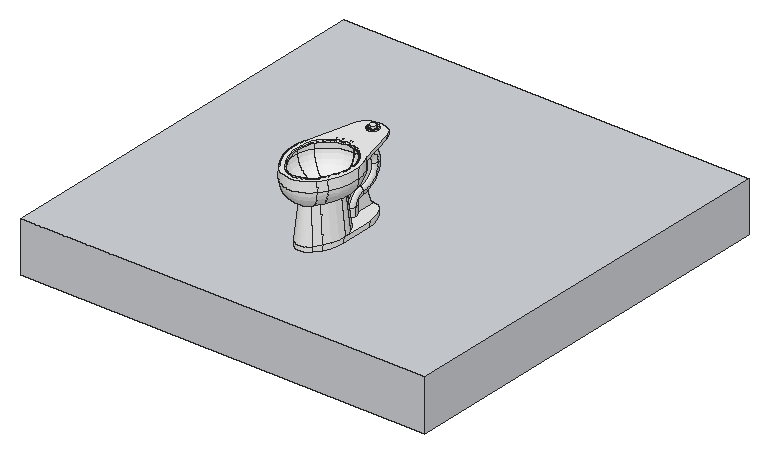
Revit family
Parameters (values of type "Vitreous_China-0-White-10inch_Rough_In")
  Width = 1' - 2 7/8"
  Waste Connection = yes
  Wall Offset = 0' - 1 1/8"
  WFU = 0
  Valve Pressure Drop = 0.00 psi
  URL = "http://www.us.kohler.com"
  Seat = "Order Separately"  # constant formula
  Sanitary Radius = 1 1/4"
  Sanitary Diameter = Sanitary Radius * 2  # 2 1/2"
  Sanitary Connector = "Sanitary Connection"  # constant formula
  Rough-In = 0' - 10"
  Product Page URL = "http://www.us.kohler.com/onlinecatalog/detail.jsp?prod_num=4405"
  Product Documentation Link = "http://www.us.kohler.com/onlinecatalog/pdf/1058450_4.pdf"
  Model = "K-4405"  # constant formula
  Manufacturer = "Kohler"  # constant formula
  Length = 2' - 4 1/4"
  Height = 1' - 5 1/8"
  Flush Rate = 1.28 GPM
  Finish = Vitreous_China-Kohler-0-White
  Description = "Highline® 1.28 flushometer bowl\r\n\r\n\r\n"  # constant formula
  Default Elevation = 0' - 0"
  Created By = "http://www.medialab3dstudio.com/"
  Cold Water Radius = 3/4"
  Cold Water Diameter = Cold Water Radius * 2  # 1 1/2"
  Cold Water Connector = "Cold Water Connection"  # constant formula
  CWFU = 0
  CW Connection = yes
  Assembly Code = "D2010110"
  Actual Valve Water Flow = 0 GPM
  ADA Compliant = no
Reference planes (in)
  plane 1 "Back": y = 0
  plane 2: z = 0
  plane 3 "Center (Left/Right)": x = 0
  plane 4: z = 17.125
  plane 5: y = -1.125
  plane 6: y = -10
  plane 7: y = -29.375
  plane 8 "Left": x = -7.4375
  plane 9 "Right": x = 7.4375
Forms (in)
  Extrusion 1, solid
    sketch origin (0, 0, 0) x (1, 0, 0) y (0, 1, 0)
      loop
        line (-48, 48) -> (-48, -48) -> (48, -48) -> (48, 48) -> (-48, 48)
    from 0 to -12
Dimensions and locks (in)
  "Length": plane 5 to plane 7
  "Rough-In": plane 1 "Back" to plane 6
  "Wall Offset": plane 5 to plane 1 "Back"
  "Width": plane 8 "Left" to plane 9 "Right"
  "Height": plane 4 to plane 2
  equal spacing: plane 8 "Left", plane 3 "Center (Left/Right)", plane 9 "Right"
  aligned and locked: plane 2 to Extrusion 1
  aligned and locked: level to Extrusion 1
  aligned and locked: nested 1 to plane 5
  aligned and locked: plane 8 "Left" to nested 1
  aligned and locked: plane 9 "Right" to nested 1
  aligned and locked: plane 3 "Center (Left/Right)" to nested 1
Automatic sketch dimensions
  Extrusion 1 sketch curve to Extrusion 1 sketch curve = 8' - 0"  (x2)
Nested families (in)
  nested 1: "Toilet-High_Efficiency_Bowl-Kohler-Highline-4405" at (0, -14.125, 0), type "Vitreous_China-0-White"
Connectors (in)
  piping at (0, -3.375, 17.125), driven by "Flush Rate", driven by "CW Connection", driven by "Cold Water Radius", driven by "CW Connection", driven by "Cold Water Connector", driven by "CWFU"
    settings: on nested 1, index 1, connector radius 3/4", flow factor 0, pipe flow 1.28 GPM, pressure drop 0.00 psi, fitting loss kfactor 0, connector angle 0.00°, fixture units 0, flow configuration 3, flow direction 1, fitting loss method 0, system type 20, connector reference index -1, connector utility 1, adjustable connector yes, is connector primary yes, fitting loss table "", connector description "Cold Water Connection"
  piping at (0, -10, 0), driven by "Actual Valve Water Flow", driven by "Waste Connection", driven by "Sanitary Radius", driven by "Waste Connection", driven by "Sanitary Connector", driven by "WFU"
    settings: on nested 1, index 2, connector radius 1 1/4", flow factor 0, pipe flow 0 GPM, pressure drop 0.00 psi, fitting loss kfactor 0, connector angle 0.00°, fixture units 0, flow configuration 3, flow direction 2, fitting loss method 0, system type 16, connector reference index -1, connector utility 1, adjustable connector yes, is connector primary no, fitting loss table "", connector description "Sanitary Connection"
Definition of nested family "Toilet-High_Efficiency_Bowl-Kohler-Highline-4405"
  Parameters (values of type "Vitreous_China-0-White")
    Width = 1' - 2 7/8"
    Waste Connection = yes
    WFU = 0
    Valve Pressure Drop = 0.00 psi
    URL = "http://www.us.kohler.com"
    Spud = Chrome-Kohler-CP-Polished
    Seat = "Order Separately"  # constant formula
    Sanitary Radius = 1 1/4"
    Sanitary Diameter = Sanitary Radius * 2  # 2 1/2"
    Sanitary Connector = "Sanitary Connection"  # constant formula
    Rough-In = 0' - 10"
    Recommended Flushometer = "K-10956"  # constant formula
    Product Page URL = "http://www.us.kohler.com/onlinecatalog/detail.jsp?item=10452702&section=2&category=20&subcategory=22&retail=false"
    Product Documentation Link = "http://www.us.kohler.com/onlinecatalog/pdf/1058450_4.pdf"
    Model = "K-4405"  # constant formula
    Manufacturer = "Kohler"  # constant formula
    Length = 2' - 4 1/4"
    Height = 1' - 5 1/8"
    Flush Rate = 1.28 GPM
    Finish = Vitreous_China-Kohler-0-White
    Description = "Highline® 1.28 flushometer bowl\r\n"  # constant formula
    Default Elevation = 0' - 0"
    Created By = "http://www.medialab3dstudio.com/"
    Cold Water Radius = 3/4"
    Cold Water Diameter = Cold Water Radius * 2  # 1 1/2"
    Cold Water Connector = "Cold Water Connection"  # constant formula
    CWFU = 0
    CW Connection = yes
    Assembly Code = "D2010110"
    Actual Valve Water Flow = 0 GPM
    ADA Compliant = yes
  Types (7): name | Sanitary Radius | Sanitary Diameter | Finish | Cold Water Radius | Cold Water Diameter
    (no name) | 1 1/4" | 2 1/2" | Vitreous_China-Kohler-0-White | 3/4" | 1 1/2"
    Vitreous_China-0-White | 1 1/4" | 2 1/2" | Vitreous_China-Kohler-0-White | 3/4" | 1 1/2"
    Vitreous_China-7-Black_Black | 0" | 0" | Vitreous_China-Kohler-7-Black_Black | 0" | 0"
    Vitreous_China-33-Mexican_Sand | 0" | 0" | Vitreous_China-Kohler-33-Mexican_Sand | 0" | 0"
    Vitreous_China-47-Almond | 0" | 0" | Vitreous_China-Kohler-47-Almond | 0" | 0"
    Vitreous_China-96-Biscuit | 0" | 0" | Vitreous_China-Kohler-96-Biscuit | 0" | 0"
    Vitreous_China-G9-Sandbar | 0" | 0" | Vitreous_China-Kohler-G9-Sandbar | 0" | 0"
  Reference planes (in)
    plane 1 "Center (Front/Back)": y = 0
    plane 2 "Bottom": z = 0
    plane 3 "Center (Left/Right)": x = 0
    plane 4 "Left": x = -7.4375
    plane 5 "Right": x = 7.4375
    plane 6 "Toilet Offset": y = 13
    plane 7 "Front of Bowl": y = -14.125
    plane 8 "Back": y = 14.125
    plane 9 "Top": z = 17.125
    plane 10: y = 4.125
    plane 11: z = 9.59276
    plane 12: z = 1.125
    plane 13: y = -2.7831
    plane 14: y = -8.7426
    plane 15: y = -10.36431
    plane 16: x = -5.39046
    plane 17: x = -4.06063
    plane 18: x = -3.00749
    plane 19: x = 3.00749
    plane 20: x = 4.06063
    plane 21: x = 5.39046
    plane 22: x = -4.51738
    plane 23: x = 4.51738
    plane 24: x = -3.37389
    plane 25: z = 9.46306
    plane 26: z = 14.22969
    plane 27: z = 16.01051
    plane 28: z = 16.51168
    plane 29: x = 2
    plane 30: x = -2
    plane 31: x = 0.5
    plane 32: x = -0.5
    plane 33: z = 16.63668
    plane 34: z = 16.82418
    plane 35: z = 12.94015
    plane 36: z = 0.125
    plane 37: y = 9.41534
    plane 38: y = -3.61374
    plane 39: y = -8.31974
    plane 40: y = -9.86366
    plane 41: x = -2.40968
    plane 42: x = 2.40968
    plane 43: x = -4.57607
    plane 44: x = 4.57607
    plane 45: x = -3.32434
    plane 46: x = -2.3217
    plane 47: x = 2.3217
    plane 48: x = 3.32434
    plane 49: y = 9.77668
    plane 50: y = 1.7176
    plane 51: x = -3.94838
    plane 52: x = 3.94838
    plane 53: x = -5.4416
    plane 54: x = 5.4416
    plane 55: y = 0.75258
    plane 56: y = 1.75258
    plane 57: y = 10.00258
    plane 58: y = 9.24705
    plane 59: y = 8.17195
    plane 60: y = 9.94301
    plane 61: z = 9.46387
    plane 62: z = 4.96563
    plane 63: z = 2.16489
    plane 64: z = 14.22969
    plane 65: y = 4.55641
    plane 66: y = 10.75
    plane 67: y = 10.75
    plane 68: y = 11.75
    plane 69: y = 11.25
    plane 70: y = 10.25
    plane 71: y = 9.75
    plane 72: x = -1
    plane 73: x = 1
    plane 74: z = 3.54152
    plane 75: z = 3.125
    plane 76: z = 5.24632
    plane 77: z = 9.76908
    plane 78: z = 11.25304
    plane 79: y = 5.1618
    plane 80: y = 6.24632
    plane 81: y = 10.76908
    plane 82: z = 14.92882
    plane 83: y = 12.80641
    plane 84: z = 14.92882
    plane 85: x = -4.57608
    plane 86: x = 4.57608
    plane 87: x = -7.39207
    plane 88: x = -7.45318
    plane 89: x = -3.59082
    plane 90: x = 3.59082
    plane 91: x = 7.45318
    plane 92: x = -1.25
    plane 93: x = -1
    plane 94: x = -0.75
    plane 95: x = 0.75
    plane 96: x = 1
    plane 97: x = 1.25
    plane 98: z = 16.19968
    plane 99: z = 14.22935
    plane 100: z = 9.46793
    plane 101: y = 10.32426
    plane 102: y = 10.00258
    plane 103: y = 9.41794
    plane 104: y = 8.39345
    plane 105: y = 11.34244
    plane 106: y = 11.95021
    plane 107: y = 10.45021
    plane 108: y = 10.75362
    plane 109: y = 12.80641
    plane 110: y = 12
    plane 111: y = 11.75
    plane 112: y = 11.5
    plane 113: y = 10
    plane 114: y = 9.75
    plane 115: y = 9.5
    plane 116: y = -13.52949
    plane 117: y = -13.85979
    plane 118: y = -11.04329
    plane 119: y = -13.96231
    plane 120: y = -10.05805
    plane 121: z = 13.67882
    plane 122: z = 13.31176
    plane 123: z = 13.06513
    plane 124: z = 10.46705
    plane 125: z = 7.02023
    plane 126: z = 4.3886
    plane 127: z = 1.77594
    plane 128: z = 9.4678
    plane 129: z = 14.22529
    plane 130: z = 16.18138
    plane 131: y = -11.04329
    plane 132: y = 4.5796
    plane 133 "Front": y = -15.25
  Forms (in)
    Extrusion 1, solid
      sketch origin (0, 0, 0) x (1, 0, 0) y (0, 1, 0)
        loop
          line (-48, 48) -> (-48, -48) -> (48, -48) -> (48, 48) -> (-48, 48)
      from 0 to -12
    Sweep 2, solid, material "Vitreous_China-Kohler-0-White" <- "Finish"
      path origin (0, 0, 0) x (1, 0, 0) y (0, 1, 0)
        loop
          arc (-4.06063, -8.7426) -> (-3.55622, -9.56784) -> (-3.00749, -10.36431) r 17.70323
          arc (-3.00749, -10.36431) -> (0, -11.89238) -> (3.00749, -10.36431) r 3.72364
          arc (3.00749, -10.36431) -> (3.55622, -9.56784) -> (4.06063, -8.7426) r 17.70323
          arc (4.06063, -8.7426) -> (5.17859, -5.86395) -> (5.39046, -2.7831) r 10.27226
          arc (5.39046, -2.7831) -> (5.10885, -1.34295) -> (4.51738, 0) r 6.63079
          arc (4.51738, 0) -> (0, 2.60166) -> (-4.51738, 0) r 5.2227
          arc (-4.51738, 0) -> (-5.10885, -1.34295) -> (-5.39046, -2.7831) r 6.63079
          arc (-5.39046, -2.7831) -> (-5.17859, -5.86395) -> (-4.06063, -8.7426) r 10.27226
      profile origin (-5.17859, -5.86395, 0) x (-0.975996, -0.217788, 0) y (0, 0, 1)
        loop
          line (1.95012, 16.51137) -> (0.78065, 16.51137)
          arc (0.78065, 16.51137) -> (0.69166, 16.4745) -> (0.6548, 16.38551) r 0.12585
          line (0.6548, 16.38551) -> (0.6548, 16.13551) -> (0.78065, 16.13551) -> (0.78065, 16.38494) -> (1.83167, 16.38494) -> (1.94453, 14.22969)
          arc (1.94453, 14.22969) -> (0.77921, 11.31278) -> (-1.84908, 9.59276) r 5.21974
          line (-1.84908, 9.59276) -> (-1.84908, 9.46387)
          arc (-1.84908, 9.46387) -> (0.86738, 11.22406) -> (2.06971, 14.22935) r 5.34474
          line (2.06971, 14.22935) -> (1.95012, 16.51137)
    Blend 3, solid, material "Vitreous_China-Kohler-0-White" <- "Finish"
      base sketch origin (0, 0, 0) x (1, 0, 0) y (0, 1, 0)
        loop
          arc (-2.45717, -7.82172) -> (-2.00544, -8.56076) -> (-1.51403, -9.27403) r 15.85414
          arc (-1.51403, -9.27403) -> (0, -10.04329) -> (1.51403, -9.27403) r 1.87455
          arc (1.51403, -9.27403) -> (2.00544, -8.56076) -> (2.45717, -7.82172) r 15.85414
          arc (2.45717, -7.82172) -> (3.37389, -5.46124) -> (3.54762, -2.93497) r 8.42317
          arc (3.54762, -2.93497) -> (3.34454, -1.89642) -> (2.91801, -0.92797) r 4.78171
          arc (2.91801, -0.92797) -> (0, 0.75258) -> (-2.91801, -0.92797) r 3.37362
          arc (-2.91801, -0.92797) -> (-3.34454, -1.89642) -> (-3.54762, -2.93497) r 4.78171
          arc (-3.54762, -2.93497) -> (-3.37389, -5.46124) -> (-2.45717, -7.82172) r 8.42317
      top sketch origin (0, 0, 0) x (1, 0, 0) y (0, 1, 0)
        loop
          arc (-3.32434, -8.31974) -> (-2.84411, -9.1054) -> (-2.3217, -9.86366) r 16.85414
          arc (-2.3217, -9.86366) -> (0, -11.04329) -> (2.3217, -9.86366) r 2.87455
          arc (2.3217, -9.86366) -> (2.84411, -9.1054) -> (3.32434, -8.31974) r 16.85414
          arc (3.32434, -8.31974) -> (4.34989, -5.67903) -> (4.54424, -2.85284) r 9.42317
          arc (4.54424, -2.85284) -> (4.2987, -1.5971) -> (3.78297, -0.42612) r 5.78171
          arc (3.78297, -0.42612) -> (0, 1.75258) -> (-3.78297, -0.42612) r 4.37362
          arc (-3.78297, -0.42612) -> (-4.2987, -1.5971) -> (-4.54424, -2.85284) r 5.78171
          arc (-4.54424, -2.85284) -> (-4.34989, -5.67903) -> (-3.32434, -8.31974) r 9.42317
      from 9.59276 to 1.125
    Extrusion 4, solid, material "Vitreous_China-Kohler-0-White" <- "Finish"
      sketch origin (0, 0, 0) x (1, 0, 0) y (0, 1, 0)
        loop
          arc (2.3217, -9.86366) -> (2.84411, -9.1054) -> (3.32434, -8.31974) r 16.85414
          arc (3.32434, -8.31974) -> (4.25944, -6.04899) -> (4.57607, -3.61374) r 9.42317
          line (4.57607, -3.61374) -> (4.57607, 4.125)
          arc (4.57607, 4.125) -> (4.01349, 6.98336) -> (2.40968, 9.41534) r 7.54272
          arc (2.40968, 9.41534) -> (0, 10.32426) -> (-2.40968, 9.41534) r 3.64866
          arc (-2.40968, 9.41534) -> (-4.01349, 6.98336) -> (-4.57607, 4.125) r 7.54272
          line (-4.57607, 4.125) -> (-4.57607, -3.61374)
          arc (-4.57607, -3.61374) -> (-4.25944, -6.04899) -> (-3.32434, -8.31974) r 9.42317
          arc (-3.32434, -8.31974) -> (-2.84411, -9.1054) -> (-2.3217, -9.86366) r 16.85414
          arc (-2.3217, -9.86366) -> (0, -11.04329) -> (2.3217, -9.86366) r 2.87455
      from 0 to 1.125
    Extrusion 5, solid, material "Vitreous_China-Kohler-0-White" <- "Finish"
      sketch origin (0, 0, 0) x (1, 0, 0) y (0, 1, 0)
        loop
          arc (3.93029, 9.86065) -> (0, 13) -> (-3.93029, 9.86065) r 4.02993
          line (-3.93029, 9.86065) -> (-6.73688, -0.52854)
          arc (-6.73688, -0.52854) -> (-0.24318, 4.42914) -> (6.5767, -0.06933) r 7.05437
          line (6.5767, -0.06933) -> (3.93029, 9.86065)
      from 16.01051 to 16.51168
    Extrusion 6, solid, material "Vitreous_China-Kohler-0-White" <- "Finish"
      sketch origin (0, 0, 0) x (0, 1, 0) y (0, 0, 1)
        loop
          line (0.75258, 9.46387) -> (1.75258, 1.125) -> (10.00258, 1.125)
          arc (10.00258, 1.125) -> (9.54149, 1.58441) -> (9.24705, 2.16489) r 2.05668
          line (9.24705, 2.16489) -> (8.17195, 4.96563) -> (9.94301, 7.76051) -> (9.94301, 16.01051) -> (4.55641, 16.01051) -> (4.55641, 14.22969)
          arc (4.55641, 14.22969) -> (3.42981, 11.22796) -> (0.75258, 9.46387) r 5.18129
      from -0.5 to 0.5
    Sweep 7, solid, material "Vitreous_China-Kohler-0-White" <- "Finish"
      path origin (0, 0, 0) x (0, 1, 0) y (0, 0, 1)
        loop
          line (4.125, 1.125) -> (4.125, 3.125)
          arc (4.125, 3.125) -> (4.74632, 4.625) -> (6.24632, 5.24632) r 2.12132
          arc (6.24632, 5.24632) -> (9.44439, 6.571) -> (10.76908, 9.76908) r 4.52276
          arc (10.76908, 9.76908) -> (8.5366, 12.66923) -> (5.1618, 11.25304) r 3
          arc (5.1618, 11.25304) -> (2.7206, 7.30377) -> (0, 3.54152) r 64.11392
      profile origin (0, 4.125, 2.125) x (0, -1, 0) y (1, 0, 0)
        loop
          arc (0, -1.25) -> (0.88388, -0.88388) -> (1.25, 0) r 1.25
          arc (1.25, 0) -> (0.88388, 0.88388) -> (0, 1.25) r 1.25
          arc (0, 1.25) -> (-0.88388, 0.88388) -> (-1.25, 0) r 1.25
          arc (-1.25, 0) -> (-0.88388, -0.88388) -> (0, -1.25) r 1.25
    Extrusion 8, solid, material "Chrome-Kohler-CP-Polished" <- "Spud"
      sketch origin (0, 0, 0) x (1, 0, 0) y (0, 1, 0)
        loop
          arc (-0.75, 10.75) -> (-0.53033, 10.21967) -> (0, 10) r 0.75
          arc (0, 10) -> (0.53033, 10.21967) -> (0.75, 10.75) r 0.75
          arc (0.75, 10.75) -> (0.53033, 11.28033) -> (0, 11.5) r 0.75
          arc (0, 11.5) -> (-0.53033, 11.28033) -> (-0.75, 10.75) r 0.75
      from 16.82418 to 17.125
    Extrusion 9, solid, material "Chrome-Kohler-CP-Polished" <- "Spud"
      sketch origin (0, 0, 0) x (1, 0, 0) y (0, 1, 0)
        loop
          arc (-1.25, 10.75) -> (-0.88388, 9.86612) -> (0, 9.5) r 1.25
          arc (0, 9.5) -> (0.88388, 9.86612) -> (1.25, 10.75) r 1.25
          arc (1.25, 10.75) -> (0.88388, 11.63388) -> (0, 12) r 1.25
          arc (0, 12) -> (-0.88388, 11.63388) -> (-1.25, 10.75) r 1.25
      from 16.51168 to 16.63668
    Extrusion 10, solid, material "Chrome-Kohler-CP-Polished" <- "Spud"
      sketch origin (0, 0, 0) x (1, 0, 0) y (0, 1, 0)
        loop
          line (0.5, 11.75) -> (-0.5, 11.75) -> (-1, 11.25) -> (-1, 10.25) -> (-0.5, 9.75) -> (0.5, 9.75) -> (1, 10.25) -> (1, 11.25) -> (0.5, 11.75)
      from 16.63668 to 16.82418
    Sweep 11, solid, material "Vitreous_China-Kohler-0-White" <- "Finish"
      path origin (0, 0, 0.5) x (0, 1, 0) y (0, 0, 1)
        loop
          line (12.80641, 14.42882) -> (4.5796, 14.42882)
      profile origin (0, 8.693, 14.92882) x (0, 0, -1) y (1, 0, 0)
        loop
          arc (0, 1.25) -> (-0.88388, 0.88388) -> (-1.25, 0) r 1.25
          arc (-1.25, 0) -> (-0.88388, -0.88388) -> (0, -1.25) r 1.25
          arc (0, -1.25) -> (0.88388, -0.88388) -> (1.25, 0) r 1.25
          arc (1.25, 0) -> (0.88388, 0.88388) -> (0, 1.25) r 1.25
    Extrusion 12, void
      sketch origin (0, 0, 0) x (1, 0, 0) y (0, 1, 0)
        loop
          arc (-1.25, 4.125) -> (-0.88388, 3.24112) -> (0, 2.875) r 1.25
          arc (0, 2.875) -> (0.88388, 3.24112) -> (1.25, 4.125) r 1.25
          arc (1.25, 4.125) -> (0.88388, 5.00888) -> (0, 5.375) r 1.25
          arc (0, 5.375) -> (-0.88388, 5.00888) -> (-1.25, 4.125) r 1.25
      from 0 to 0.125
  Cuts and joins
    Extrusion 12 cuts Extrusion 4
    joined: Sweep 2, Blend 3, Extrusion 4, Extrusion 5
  Lines and regions (in)
    Masking region 1, detail levels coarse
      outline origin (0, 0, 0) x (1, 0, 0) y (0, 1, 0)
        loop
          line (-7.4375, 13) -> (-7.4375, -14.125) -> (7.4375, -14.125) -> (7.4375, 13) -> (-7.4375, 13)
    Masking region 2, detail levels medium+fine
      outline origin (0, 0, 0) x (1, 0, 0) y (0, 1, 0)
        loop
          arc (3.93029, 9.86065) -> (0, 13) -> (-3.93029, 9.86065) r 4.02993
          line (-3.93029, 9.86065) -> (-6.53403, 0.09077)
          arc (-6.53403, 0.09077) -> (-6.99348, -1.24168) -> (-7.22568, -2.63186) r 8.47224
          arc (-7.22568, -2.63186) -> (-6.97583, -6.26499) -> (-5.65747, -9.65969) r 12.1137
          arc (-5.65747, -9.65969) -> (-5.10058, -10.57077) -> (-4.49477, -11.45008) r 19.54467
          arc (-4.49477, -11.45008) -> (0, -13.73382) -> (4.49477, -11.45008) r 5.56508
          arc (4.49477, -11.45008) -> (5.10058, -10.57077) -> (5.65747, -9.65969) r 19.54467
          arc (5.65747, -9.65969) -> (6.97583, -6.26499) -> (7.22568, -2.63186) r 12.1137
          arc (7.22568, -2.63186) -> (6.99348, -1.24168) -> (6.53403, 0.09077) r 8.47224
          line (6.53403, 0.09077) -> (3.93029, 9.86065)
    Masking region 3, detail levels fine
      outline origin (0, 0, 0) x (1, 0, 0) y (0, 1, 0)
        loop
          arc (-4.73758, -9.13139) -> (-4.21092, -9.99302) -> (-3.638, -10.8246) r 18.48388
          arc (-3.638, -10.8246) -> (0, -12.67303) -> (3.638, -10.8246) r 4.50428
          arc (3.638, -10.8246) -> (4.21092, -9.99302) -> (4.73758, -9.13139) r 18.48388
          arc (4.73758, -9.13139) -> (5.9405, -6.03396) -> (6.16847, -2.71898) r 11.05291
          arc (6.16847, -2.71898) -> (5.85371, -1.10928) -> (5.19261, 0.39177) r 7.41144
          arc (5.19261, 0.39177) -> (0, 3.38231) -> (-5.19261, 0.39177) r 6.00335
          arc (-5.19261, 0.39177) -> (-5.85371, -1.10928) -> (-6.16847, -2.71898) r 7.41144
          arc (-6.16847, -2.71898) -> (-5.9405, -6.03396) -> (-4.73758, -9.13139) r 11.05291
    Masking region 4, detail levels fine
      outline origin (0, 0, 0) x (1, 0, 0) y (0, 1, 0)
        loop
          arc (-3.54762, -2.93497) -> (-3.37389, -5.46124) -> (-2.45717, -7.82172) r 8.42317
          arc (-2.45717, -7.82172) -> (-2.00544, -8.56076) -> (-1.51403, -9.27403) r 15.85414
          arc (-1.51403, -9.27403) -> (0, -10.04329) -> (1.51403, -9.27403) r 1.87455
          arc (1.51403, -9.27403) -> (2.00544, -8.56076) -> (2.45717, -7.82172) r 15.85414
          arc (2.45717, -7.82172) -> (3.37389, -5.46124) -> (3.54762, -2.93497) r 8.42317
          arc (3.54762, -2.93497) -> (3.34454, -1.89642) -> (2.91801, -0.92797) r 4.78171
          arc (2.91801, -0.92797) -> (0, 0.75258) -> (-2.91801, -0.92797) r 3.37362
          arc (-2.91801, -0.92797) -> (-3.34454, -1.89642) -> (-3.54762, -2.93497) r 4.78171
    Masking region 5, detail levels fine
      outline origin (0, 0, 0) x (1, 0, 0) y (0, 1, 0)
        loop
          arc (0, 12) -> (-0.88388, 11.63388) -> (-1.25, 10.75) r 1.25
          arc (-1.25, 10.75) -> (-0.88388, 9.86612) -> (0, 9.5) r 1.25
          arc (0, 9.5) -> (0.88388, 9.86612) -> (1.25, 10.75) r 1.25
          arc (1.25, 10.75) -> (0.88388, 11.63388) -> (0, 12) r 1.25
        loop
          line (-1, 11.25) -> (-1, 10.25) -> (-0.5, 9.75) -> (0.5, 9.75) -> (1, 10.25) -> (1, 11.25) -> (0.5, 11.75) -> (-0.5, 11.75) -> (-1, 11.25)
        loop
          arc (0, 11.5) -> (-0.53033, 11.28033) -> (-0.75, 10.75) r 0.75
          arc (-0.75, 10.75) -> (-0.53033, 10.21967) -> (0, 10) r 0.75
          arc (0, 10) -> (0.53033, 10.21967) -> (0.75, 10.75) r 0.75
          arc (0.75, 10.75) -> (0.53033, 11.28033) -> (0, 11.5) r 0.75
    Masking region 6, detail levels coarse
      outline origin (0, 0, 0) x (1, 0, 0) y (0, 0, 1)
        loop
          line (-7.4375, 17.125) -> (-7.4375, 0) -> (7.4375, 0) -> (7.4375, 17.125) -> (-7.4375, 17.125)
    Masking region 7, detail levels medium+fine
      outline origin (0, 0, 0) x (1, 0, 0) y (0, 0, 1)
        loop
          line (-4.57608, 0) -> (4.57608, 0) -> (4.57608, 1.125) -> (3.59082, 9.46793)
          arc (3.59082, 9.46793) -> (6.29503, 11.22157) -> (7.45318, 14.22935) r 5.21811
          line (7.45318, 14.22935) -> (7.38239, 16.51168) -> (1.25, 16.51168) -> (1.25, 16.63668) -> (1, 16.63668) -> (1, 16.82418) -> (0.75, 16.82418) -> (0.75, 17.125) -> (-0.75, 17.125) -> (-0.75, 16.82418) -> (-1, 16.82418) -> (-1, 16.63668) -> (-1.25, 16.63668) -> (-1.25, 16.51168) -> (-7.38239, 16.51168) -> (-7.45318, 14.22935)
          arc (-7.45318, 14.22935) -> (-6.29503, 11.22157) -> (-3.59082, 9.46793) r 5.21811
          line (-3.59082, 9.46793) -> (-4.57608, 1.125) -> (-4.57608, 0)
    Masking region 8, detail levels fine
      outline origin (0, 14.125, 0) x (1, 0, 0) y (0, 0, 1)
        loop
          arc (1.25, 14.92882) -> (0.88388, 14.04494) -> (0, 13.67882) r 1.25
          arc (0, 13.67882) -> (-0.88388, 14.04494) -> (-1.25, 14.92882) r 1.25
          line (-1.25, 14.92882) -> (-1.25, 1.125) -> (1.25, 1.125) -> (1.25, 14.92882)
    Masking region 9, detail levels fine
      outline origin (0, 14.125, 0) x (1, 0, 0) y (0, 0, 1)
        loop
          line (0.5, 1.125) -> (0.5, 4.10112)
          arc (0.5, 4.10112) -> (0, 3.99643) -> (-0.5, 4.10112) r 1.24627
          line (-0.5, 4.10112) -> (-0.5, 1.125) -> (0.5, 1.125)
    Masking region 10, detail levels fine
      outline origin (0, 14.125, 0) x (1, 0, 0) y (0, 0, 1)
        loop
          line (0.62646, 16.01051) -> (-0.62646, 16.01051)
          arc (-0.62646, 16.01051) -> (-1.08295, 15.55309) -> (-1.25, 14.92882) r 1.25
          arc (-1.25, 14.92882) -> (-0.88388, 14.04494) -> (0, 13.67882) r 1.25
          arc (0, 13.67882) -> (0.88388, 14.04494) -> (1.25, 14.92882) r 1.25
          arc (1.25, 14.92882) -> (1.08295, 15.55309) -> (0.62646, 16.01051) r 1.25
    Masking region 11, detail levels coarse
      outline origin (0, 0, 0) x (0, 1, 0) y (0, 0, 1)
        loop
          line (14.125, 17.125) -> (-14.125, 17.125) -> (-14.125, 0) -> (14.125, 0) -> (14.125, 17.125)
    Masking region 12, detail levels medium+fine
      outline origin (0, 0, 0) x (0, 1, 0) y (0, 0, 1)
        loop
          line (-11.04329, 0) -> (10.32426, 0) -> (10.32426, 1.125) -> (10.00258, 1.125)
          arc (10.00258, 1.125) -> (9.67525, 1.41902) -> (9.41794, 1.77594) r 2.05668
          line (9.41794, 1.77594) -> (8.39345, 4.3886)
          arc (8.39345, 4.3886) -> (10.10391, 5.43999) -> (11.34244, 7.02023) r 5.68722
          arc (11.34244, 7.02023) -> (11.91807, 8.69572) -> (11.95021, 10.46705) r 5.68722
          arc (11.95021, 10.46705) -> (11.45365, 11.91241) -> (10.45021, 13.06513) r 3.99061
          line (10.45021, 13.06513) -> (10.45021, 13.31176)
          arc (10.45021, 13.31176) -> (10.53588, 13.54988) -> (10.75362, 13.67882) r 0.37374
          line (10.75362, 13.67882) -> (12.80641, 13.67882) -> (12.80641, 16.01051) -> (13, 16.01051) -> (13, 16.51168) -> (12, 16.51168) -> (12, 16.63668) -> (11.75, 16.63668) -> (11.75, 16.82418) -> (11.5, 16.82418) -> (11.5, 17.125) -> (10, 17.125) -> (10, 16.82418) -> (9.75, 16.82418) -> (9.75, 16.63668) -> (9.5, 16.63668) -> (9.5, 16.51168) -> (-13.52949, 16.51168)
          arc (-13.52949, 16.51168) -> (-13.76305, 16.41493) -> (-13.85979, 16.18138) r 0.3303
          line (-13.85979, 16.18138) -> (-13.96231, 14.22529)
          arc (-13.96231, 14.22529) -> (-12.77403, 11.21968) -> (-10.05805, 9.4678) r 5.28548
          line (-10.05805, 9.4678) -> (-11.04329, 1.125) -> (-11.04329, 0)
    symbolic lines, style "Masking Lines", detail levels fine
      curve 1: line (0.75, 0, 16.82418) -> (-0.75, 0, 16.82418)
      curve 2: line (-1, 0, 16.63668) -> (1, 0, 16.63668)
      curve 3: line (-1.25, 0, 16.51168) -> (1.25, 0, 16.51168)
      curve 4: line (-7.4375, -14.125, 14.22935) -> (7.4375, -14.125, 14.22935)
      curve 5: line (-3.59082, -14.125, 9.46793) -> (3.56231, -14.125, 9.46793)
      curve 6: line (-4.57608, 0, 1.125) -> (4.57608, 0, 1.125)
      curve 7: line (-7.39794, 14.125, 16.01051) -> (7.39794, 14.125, 16.01051)
      curve 8: line (1.25, 14.125, 14.22969) -> (7.4532, 14.125, 14.22969)
      curve 9: line (-1.25, 14.125, 14.22935) -> (-7.45318, 14.125, 14.22935)
      curve 10: line (1.25, 14.125, 9.46793) -> (3.59082, 14.125, 9.46793)
      curve 11: line (-1.25, 14.125, 9.46793) -> (-3.59082, 14.125, 9.46793)
      curve 12: arc (0.5, 14.125, 4.10112) -> (1.03356, 14.125, 4.55014) -> (1.25, 14.125, 5.21304) r 1.27132
      curve 13: arc (-0.5, 14.125, 4.10112) -> (-1.03356, 14.125, 4.55014) -> (-1.25, 14.125, 5.21304) r 1.27132
      curve 14: line (0, 1.75258, 1.125) -> (0, 0.75258, 9.46387)
      curve 15: arc (0, 0.76848, 9.46793) -> (0, 3.49914, 11.20992) -> (0, 4.67138, 14.22935) r 5.20628
      curve 16: line (0, 4.67138, 14.22935) -> (0, 4.57803, 16.01051)
      curve 17: line (0, -13.86875, 16.01051) -> (0, 12.80641, 16.01051)
      curve 18: line (0, -10.05804, 9.46793) -> (0, 0.76848, 9.46793)
      curve 19: line (0, -11.04329, 1.125) -> (0, 10.00258, 1.125)
      curve 20: arc (0, 6.07667, 13.67882) -> (0, 4.95906, 12.96222) -> (0, 4.125, 11.9293) r 4.14925
      curve 21: arc (0, 4.125, 11.9293) -> (0, 2.63887, 9.45884) -> (0, 1.04095, 7.05918) r 62.81027
      curve 22: line (0, 5.375, 1.125) -> (0, 5.375, 3.19525)
      curve 23: arc (0, 8.39345, 4.3886) -> (0, 7.30287, 4.09496) -> (0, 6.17763, 3.99789) r 6.39107
      curve 24: arc (0, 6.17763, 3.99789) -> (0, 5.61009, 3.7628) -> (0, 5.375, 3.19525) r 0.80263
      curve 25: line (0, 2.875, 1.125) -> (0, 2.875, 3.375)
      curve 26: arc (0, 2.875, 3.375) -> (0, 3.25907, 4.68296) -> (0, 4.12865, 5.73278) r 3.37948
      curve 27: arc (0, 4.12865, 5.73278) -> (0, 5.36641, 6.38715) -> (0, 6.75849, 6.5368) r 3.71405
      curve 28: arc (0, 6.75849, 6.5368) -> (0, 8.65278, 7.59793) -> (0, 9.51009, 9.59276) r 3.37849
      curve 29: arc (0, 6.28053, 10.70203) -> (0, 8.32519, 11.39896) -> (0, 9.51009, 9.59276) r 1.7631
      curve 30: arc (0, 1.47761, 3.41794) -> (0, 3.99572, 6.98306) -> (0, 6.28053, 10.70203) r 68.17126
      curve 31: line (0, 4.67138, 14.22935) -> (0, -13.96209, 14.22935)
      curve 32: line (0, 10, 16.82418) -> (0, 11.5, 16.82418)
      curve 33: line (0, 9.75, 16.63668) -> (0, 11.75, 16.63668)
      curve 34: line (0, 11.25, 16.82418) -> (0, 11.25, 16.63668)
      curve 35: line (0, 10.25, 16.82418) -> (0, 10.25, 16.63668)
      curve 36: line (0, 9.5, 16.51168) -> (0, 12, 16.51168)
      curve 37: line (0, 4.5796, 13.67882) -> (0, 6.07667, 13.67882)
  Dimensions and locks (in)
    equal spacing: plane 4 "Left", plane 3 "Center (Left/Right)", plane 5 "Right"
    "Width": plane 4 "Left" to plane 5 "Right"
    locked: plane 6 "Toilet Offset" to plane 8 "Back" at 1.125
    "Height": plane 9 "Top" to plane 2 "Bottom"
    "Rough-In": plane 10 to plane 8 "Back"
    locked: plane 11 to plane 2 "Bottom" at 9.59276
    plane 24 to plane 4 "Left" = 0' - 4.06361"
    plane 9 "Top" to plane 26 to plane 25 = 0' - 2.89531", 0' - 4.76663" locked
    plane 5 "Right" to plane 29 to plane 31 to plane 3 "Center (Left/Right)" to plane 32 to plane 30 to plane 4 "Left" = 0' - 5 7/16", 0' - 1 1/2", 0' - 0 1/2", 0' - 0 1/2", 0' - 1 1/2", 0' - 5 7/16"
    plane 27 to plane 28 to plane 33 to plane 34 to plane 9 "Top" = 0' - 0.50116" locked, 0' - 0 1/8" locked, 0' - 0 3/16" locked, 0' - 0.30082" locked
    locked: plane 36 to plane 2 "Bottom" at 0.125
    plane 7 "Front of Bowl" to plane 40 to plane 39 to plane 38 to plane 37 = 0' - 4.26134" locked, 0' - 1.54392" locked, 0' - 4.706" locked, 1' - 1.02908" locked
    plane 4 "Left" to plane 43 to plane 45 to plane 41 to plane 46 to plane 47 to plane 42 to plane 48 to plane 44 = 0' - 2.86143" locked, 0' - 1.25173" locked, 0' - 0.91466" locked, 0' - 0.08797" locked, 0' - 4.6434" locked, 0' - 0.08797" locked, 0' - 0.91466" locked, 0' - 1.25173" locked
    plane 4 "Left" to plane 16 to plane 22 to plane 17 to plane 18 to plane 19 to plane 20 to plane 23 to plane 21 = 0' - 2.04704" locked, 0' - 0.87308" locked, 0' - 0.45675" locked, 0' - 1.05315" locked, 0' - 6.01497" locked, 0' - 1.05315" locked, 0' - 0.45675" locked, 0' - 0.87308" locked
    plane 13 to plane 14 to plane 15 to plane 7 "Front of Bowl" = 0' - 5.9595" locked, 0' - 1.6217" locked, 0' - 3.76069" locked
    plane 49 to plane 50 to plane 7 "Front of Bowl" = 0' - 8.05908" locked, 1' - 3.8426" locked
    plane 53 to plane 51 to plane 52 to plane 54 to plane 5 "Right" = 0' - 1.49323" locked, 0' - 7.89675" locked, 0' - 1.49323" locked, 0' - 1.9959" locked
    plane 1 "Center (Front/Back)" to plane 55 to plane 56 to plane 65 to plane 59 to plane 58 to plane 60 to plane 57 = 0' - 0.75258" locked, 0' - 1" locked, 0' - 2.80384" locked, 0' - 3.61554" locked, 0' - 1.0751" locked, 0' - 0.69596" locked, 0' - 0.05956" locked
    plane 64 to plane 61 to plane 62 to plane 63 to plane 2 "Bottom" = 0' - 4.76582" locked, 0' - 4.49824" locked, 0' - 2.80074" locked, 0' - 2.16489" locked
    locked: plane 66 to plane 8 "Back" at 3.375
    locked: plane 67 to plane 8 "Back" at 3.375
    plane 71 to plane 70 to plane 69 to plane 68 to plane 8 "Back" = 0' - 0 1/2" locked, 0' - 1" locked, 0' - 0 1/2" locked, 0' - 2 3/8" locked
    plane 72 to plane 73 to plane 5 "Right" = 0' - 2" locked, 0' - 6 7/16" locked
    plane 78 to plane 77 to plane 76 to plane 74 to plane 75 to plane 2 "Bottom" = 0' - 1.48396" locked, 0' - 4.52276" locked, 0' - 1.7048" locked, 0' - 0.41652" locked, 0' - 3 1/8" locked
    plane 79 to plane 80 to plane 81 to plane 8 "Back" = 0' - 1.08452" locked, 0' - 4.52276" locked, 0' - 3.35592" locked
    locked: plane 82 to plane 9 "Top" at 2.19618
    locked: plane 84 to plane 9 "Top" at 2.19618
    plane 86 to plane 85 to plane 4 "Left" = 0' - 9.15216" locked, 0' - 2.86142" locked
    plane 91 to plane 90 to plane 97 to plane 96 to plane 95 to plane 3 "Center (Left/Right)" to plane 94 to plane 93 to plane 92 to plane 89 to plane 87 to plane 88 = 0' - 3.86236", 0' - 2.34082" locked, 0' - 0 1/4" locked, 0' - 0 1/4" locked, 0' - 0 3/4" locked, 0' - 0 3/4" locked, 0' - 0 1/4" locked, 0' - 0 1/4" locked, 0' - 2.34082" locked, 0' - 3.80125" locked, 0' - 0.06111" locked
    plane 9 "Top" to plane 98 to plane 99 to plane 100 = 0' - 0.92532" locked, 0' - 1.97033" locked, 0' - 4.76142" locked
    plane 8 "Back" to plane 109 to plane 110 to plane 106 to plane 111 to plane 112 to plane 105 to plane 108 to plane 107 to plane 101 to plane 102 to plane 113 to plane 114 to plane 115 to plane 103 to plane 104 to plane 120 to plane 118 to plane 116 to plane 117 to plane 119 = 0' - 1.31859" locked, 0' - 0.80641" locked, 0' - 0.04979" locked, 0' - 0.20021" locked, 0' - 0 1/4" locked, 0' - 0.15756" locked, 0' - 0.58882" locked, 0' - 0.30341" locked, 0' - 0.12595" locked, 0' - 0.32168" locked, 0' - 0.00258" locked, 0' - 0 1/4" locked, 0' - 0 1/4" locked, 0' - 0.08206" locked, 0' - 1.02449" locked, 1' - 6.4515" locked, 0' - 0.98524" locked, 0' - 2.4862" locked, 0' - 0.3303" locked, 0' - 0.10251" locked
    plane 127 to plane 126 to plane 125 to plane 128 to plane 124 to plane 123 to plane 122 to plane 121 to plane 129 to plane 130 to plane 9 "Top" = 0' - 2.61266" locked, 0' - 2.63163" locked, 0' - 2.44758" locked, 0' - 0.99925" locked, 0' - 2.59808" locked, 0' - 0.24663" locked, 0' - 0.36706" locked, 0' - 0.54646" locked, 0' - 1.95609" locked, 0' - 0.94362" locked
    locked: plane 131 to plane 7 "Front of Bowl" at 3.08171
    plane 132 to plane 83 to plane 6 "Toilet Offset" = 0' - 8.22682" locked, 0' - 0.19359" locked
    "Length": plane 133 "Front" to plane 6 "Toilet Offset"
    aligned and locked: plane 2 "Bottom" to Extrusion 1
    aligned and locked: level to Extrusion 1
    aligned and locked: Blend 3 sketch curve to Sweep 2  (x8)
    aligned and locked: plane 11 to Blend 3
    aligned and locked: Extrusion 4 sketch curve to Blend 3  (x3)
    aligned and locked: Extrusion 4 to plane 2 "Bottom"
    aligned and locked: Extrusion 4 to plane 12
    aligned and locked: plane 12 to Blend 3
    aligned and locked: plane 22 to Sweep 2 sketch curve  (x2)
    aligned and locked: plane 18 to Sweep 2 sketch curve  (x2)
    aligned and locked: plane 19 to Sweep 2 sketch curve  (x2)
    aligned and locked: plane 20 to Sweep 2 sketch curve  (x2)
    aligned and locked: plane 23 to Sweep 2 sketch curve  (x2)
    aligned and locked: plane 21 to Sweep 2 sketch curve  (x2)
    aligned and locked: plane 15 to Sweep 2 sketch curve  (x2)
    aligned and locked: plane 14 to Sweep 2 sketch curve  (x3)
    aligned and locked: plane 13 to Sweep 2 sketch curve  (x3)
    aligned and locked: plane 24 to Sweep 2 sketch curve
    aligned and locked: plane 11 to Sweep 2 sketch curve
    aligned and locked: plane 26 to Sweep 2 sketch curve
    aligned and locked: plane 27 to Extrusion 5
    aligned and locked: Extrusion 5 to plane 28
    aligned and locked: Extrusion 6 to plane 31
    aligned and locked: plane 32 to Extrusion 6
    aligned and locked: Extrusion 8 to plane 9 "Top"
    aligned and locked: plane 28 to Extrusion 9
    aligned and locked: Extrusion 9 to plane 33
    aligned and locked: Extrusion 10 to plane 34
    aligned and locked: plane 33 to Extrusion 10
    aligned and locked: plane 3 "Center (Left/Right)" to Extrusion 12 sketch curve  (x2)
    aligned and locked: plane 10 to Extrusion 12 sketch curve  (x2)
    aligned and locked: plane 36 to Extrusion 12
    aligned and locked: Extrusion 12 to plane 2 "Bottom"
    aligned and locked: plane 40 to Extrusion 4 sketch curve
    aligned and locked: plane 39 to Extrusion 4 sketch curve
    aligned and locked: plane 38 to Extrusion 4 sketch curve  (x2)
    aligned and locked: plane 10 to Extrusion 4 sketch curve  (x2)
    aligned and locked: plane 37 to Extrusion 4 sketch curve  (x2)
    aligned and locked: plane 43 to Extrusion 4 sketch curve  (x2)
    aligned and locked: plane 45 to Extrusion 4 sketch curve
    aligned and locked: plane 41 to Extrusion 4 sketch curve
    aligned and locked: plane 47 to Extrusion 4 sketch curve
    aligned and locked: plane 42 to Extrusion 4 sketch curve
    aligned and locked: plane 48 to Extrusion 4 sketch curve
    aligned and locked: plane 44 to Extrusion 4 sketch curve
    aligned and locked: plane 16 to Sweep 2 sketch curve
    aligned and locked: plane 17 to Sweep 2 sketch curve
    aligned and locked: plane 1 "Center (Front/Back)" to Sweep 2 sketch curve
    aligned and locked: plane 12 to Extrusion 6 sketch curve  (x2)
    aligned and locked: plane 63 to Extrusion 6 sketch curve
    aligned and locked: plane 62 to Extrusion 6 sketch curve
    aligned and locked: plane 61 to Extrusion 6 sketch curve
    aligned and locked: plane 64 to Extrusion 6 sketch curve
    aligned and locked: plane 27 to Extrusion 6 sketch curve
    aligned and locked: plane 55 to Extrusion 6 sketch curve
    aligned and locked: plane 56 to Extrusion 6 sketch curve
    aligned and locked: plane 59 to Extrusion 6 sketch curve
    aligned and locked: plane 58 to Extrusion 6 sketch curve
    aligned and locked: plane 60 to Extrusion 6 sketch curve
    aligned and locked: Extrusion 6 sketch curve to plane 60
    aligned and locked: plane 57 to Extrusion 6 sketch curve
    aligned and locked: plane 65 to Extrusion 6 sketch curve  (x2)
    aligned and locked: plane 3 "Center (Left/Right)" to Extrusion 8 sketch curve  (x2)
    aligned and locked: plane 66 to Extrusion 8 sketch curve  (x2)
    aligned and locked: plane 34 to Extrusion 8
    aligned and locked: plane 3 "Center (Left/Right)" to Extrusion 9 sketch curve  (x2)
    aligned and locked: plane 67 to Extrusion 9 sketch curve  (x2)
    aligned and locked: Extrusion 10 sketch curve to plane 68
    aligned and locked: plane 69 to Extrusion 10 sketch curve  (x2)
    aligned and locked: plane 70 to Extrusion 10 sketch curve  (x2)
    aligned and locked: plane 71 to Extrusion 10 sketch curve
    aligned and locked: Extrusion 10 sketch curve to plane 72
    aligned and locked: Extrusion 10 sketch curve to plane 73
    aligned and locked: plane 1 "Center (Front/Back)" to Sweep 7 sketch curve
    aligned and locked: Sweep 7 sketch curve to plane 10
    aligned and locked: plane 10 to Sweep 7 sketch curve  (x3)
    aligned and locked: plane 79 to Sweep 7 sketch curve
    aligned and locked: plane 80 to Sweep 7 sketch curve
    aligned and locked: plane 81 to Sweep 7 sketch curve
    aligned and locked: plane 12 to Sweep 7 sketch curve
    aligned and locked: plane 75 to Sweep 7 sketch curve
    aligned and locked: plane 74 to Sweep 7 sketch curve
    aligned and locked: plane 76 to Sweep 7 sketch curve
    aligned and locked: plane 77 to Sweep 7 sketch curve
    aligned and locked: plane 78 to Sweep 7 sketch curve
    aligned and locked: plane 3 "Center (Left/Right)" to Sweep 7 sketch curve  (x2)
    aligned and locked: plane 82 to Sweep 11 sketch curve
    aligned and locked: plane 3 "Center (Left/Right)" to Sweep 11 sketch curve  (x2)
    aligned and locked: plane 84 to Sweep 11 sketch curve  (x2)
    aligned and locked: plane 6 "Toilet Offset" to Masking region 1 sketch curve
    aligned and locked: Masking region 1 sketch curve to plane 5 "Right"
    aligned and locked: plane 4 "Left" to Masking region 1 sketch curve
    aligned and locked: Masking region 1 sketch curve to plane 7 "Front of Bowl"
    aligned and locked: Masking region 2 sketch curve to Extrusion 5
    aligned and locked: Masking region 5 sketch curve to Extrusion 9  (x4)
    aligned and locked: Masking region 5 sketch curve to Extrusion 10  (x8)
    aligned and locked: Masking region 5 sketch curve to Extrusion 8  (x4)
    aligned and locked: plane 4 "Left" to Masking region 6 sketch curve
    aligned and locked: plane 9 "Top" to Masking region 6 sketch curve
    aligned and locked: Masking region 6 sketch curve to plane 5 "Right"
    aligned and locked: plane 2 "Bottom" to Masking region 6 sketch curve
    aligned and locked: Masking region 8 sketch curve to Sweep 11  (x2)
    aligned and locked: Masking region 10 sketch curve to Sweep 11  (x4)
    aligned and locked: plane 9 "Top" to Masking region 11 sketch curve
    aligned and locked: plane 8 "Back" to Masking region 11 sketch curve
    aligned and locked: plane 2 "Bottom" to Masking region 11 sketch curve
    aligned and locked: Masking region 11 sketch curve to plane 7 "Front of Bowl"
    aligned and locked: Masking region 7 to plane 85
    aligned and locked: plane 86 to Masking region 7
    aligned and locked: plane 12 to curve 6  (x2)
    aligned and locked: plane 2 "Bottom" to Masking region 7  (x2)
    aligned and locked: plane 85 to curve 6
    aligned and locked: plane 86 to curve 6
    aligned and locked: plane 27 to curve 7
    aligned and locked: plane 32 to Masking region 9
    aligned and locked: Masking region 9 to plane 31
    aligned and locked: plane 88 to Masking region 7 sketch curve
    aligned and locked: plane 89 to Masking region 7 sketch curve
    aligned and locked: plane 85 to Masking region 7 sketch curve
    aligned and locked: plane 90 to Masking region 7 sketch curve
    aligned and locked: plane 86 to Masking region 7 sketch curve
    aligned and locked: plane 91 to Masking region 7 sketch curve
    aligned and locked: plane 92 to Masking region 7 sketch curve
    aligned and locked: plane 93 to Masking region 7 sketch curve
    aligned and locked: plane 94 to Masking region 7 sketch curve
    aligned and locked: plane 95 to Masking region 7 sketch curve
    aligned and locked: plane 96 to Masking region 7 sketch curve
    aligned and locked: plane 97 to Masking region 7 sketch curve
    aligned and locked: plane 9 "Top" to Masking region 7 sketch curve
    aligned and locked: plane 34 to Masking region 7 sketch curve
    aligned and locked: Masking region 7 sketch curve to plane 34
    aligned and locked: plane 33 to Masking region 7 sketch curve
    aligned and locked: Masking region 7 sketch curve to plane 33
    aligned and locked: plane 28 to Masking region 7 sketch curve
    aligned and locked: Masking region 7 sketch curve to plane 28
    aligned and locked: plane 99 to Masking region 7 sketch curve  (x2)
    aligned and locked: plane 100 to Masking region 7 sketch curve  (x2)
    aligned and locked: plane 12 to Masking region 7 sketch curve  (x2)
    aligned and locked: plane 2 "Bottom" to Masking region 7 sketch curve  (x2)
    aligned and locked: Masking region 12 sketch curve to plane 109
    aligned and locked: Masking region 12 sketch curve to plane 6 "Toilet Offset"
    aligned and locked: Masking region 12 sketch curve to plane 110
    aligned and locked: Masking region 12 sketch curve to plane 111
    aligned and locked: Masking region 12 sketch curve to plane 112
    aligned and locked: plane 106 to Masking region 12 sketch curve
    aligned and locked: plane 105 to Masking region 12 sketch curve
    aligned and locked: plane 107 to Masking region 12 sketch curve
    aligned and locked: plane 113 to Masking region 12 sketch curve
    aligned and locked: plane 114 to Masking region 12 sketch curve
    aligned and locked: plane 115 to Masking region 12 sketch curve
    aligned and locked: plane 103 to Masking region 12 sketch curve
    aligned and locked: Masking region 12 sketch curve to plane 101
    aligned and locked: plane 118 to Masking region 12 sketch curve
    aligned and locked: plane 116 to Masking region 12 sketch curve
    aligned and locked: plane 117 to Masking region 12 sketch curve
    aligned and locked: plane 119 to Masking region 12 sketch curve
    aligned and locked: plane 120 to Masking region 12 sketch curve
    aligned and locked: Masking region 12 sketch curve to plane 9 "Top"
    aligned and locked: Masking region 12 sketch curve to plane 34  (x2)
    aligned and locked: Masking region 12 sketch curve to plane 33  (x2)
    aligned and locked: Masking region 12 sketch curve to plane 28  (x2)
    aligned and locked: plane 27 to Masking region 12 sketch curve
    aligned and locked: Masking region 12 sketch curve to plane 121
    aligned and locked: plane 121 to Masking region 12 sketch curve
    aligned and locked: plane 122 to Masking region 12 sketch curve
    aligned and locked: plane 123 to Masking region 12 sketch curve
    aligned and locked: plane 124 to Masking region 12 sketch curve
    aligned and locked: plane 125 to Masking region 12 sketch curve
    aligned and locked: plane 126 to Masking region 12 sketch curve
    aligned and locked: plane 127 to Masking region 12 sketch curve
    aligned and locked: plane 12 to Masking region 12 sketch curve  (x2)
    aligned and locked: Masking region 12 sketch curve to plane 12
    aligned and locked: Masking region 12 sketch curve to plane 2 "Bottom"
    aligned and locked: plane 128 to Masking region 12 sketch curve
    aligned and locked: plane 130 to Masking region 12 sketch curve
    aligned and locked: plane 129 to Masking region 12 sketch curve
    aligned and locked: plane 131 to curve 19
    aligned and locked: plane 132 to Sweep 11 sketch curve
    aligned and locked: Extrusion 5 sketch curve to Sweep 2
  Automatic sketch dimensions
    Extrusion 1 sketch curve to Extrusion 1 sketch curve = 8' - 0"  (x2)
    Sweep 2 sketch curve to plane 1 "Center (Front/Back)" = 0' - 0.07402"
    Sweep 2 sketch curve to Sweep 2 sketch curve = 0' - 0.00007"
    Sweep 2 sketch curve to Sweep 2 sketch curve = 0' - 0.00081"
    profile plane to Sweep 2 sketch curve = 0' - 3.26082"
    profile plane to Sweep 2 sketch curve = 0' - 1.84908"
    Sweep 2 sketch curve to profile plane = 0' - 0.6548"
    Sweep 2 sketch curve to Sweep 2 sketch curve = 0' - 0.12585"
    Sweep 2 sketch curve to Sweep 2 sketch curve = 0' - 0"
    Sweep 2 sketch curve to Sweep 2 sketch curve = 0' - 1.05102"
    Sweep 2 sketch curve to Sweep 2 sketch curve = 0' - 0.11845"
    Sweep 2 sketch curve to Sweep 2 sketch curve = 0' - 0.12519"
    level to Sweep 2 sketch curve = 0' - 9.46387"
    Sweep 2 sketch curve to Sweep 2 sketch curve = 0' - 0 33/256"
    Sweep 2 sketch curve to Sweep 2 sketch curve = 0' - 4.63659"
    Sweep 2 sketch curve to Sweep 2 sketch curve = 0' - 1.90582"
    Blend 3 sketch curve to plane 3 "Center (Left/Right)" = 0' - 0"  (x2)
    Blend 3 sketch curve to plane 3 "Center (Left/Right)" = 0' - 1.21793"
    Blend 3 sketch curve to plane 3 "Center (Left/Right)" = 0' - 2.3217"
    Blend 3 sketch curve to Blend 3 sketch curve = 0' - 0"  (x7)
    Blend 3 sketch curve to Blend 3 sketch curve = 0' - 1.00263"  (x2)
    plane 1 "Center (Front/Back)" to Blend 3 sketch curve = 0' - 0.42612"  (x2)
    Blend 3 sketch curve to plane 3 "Center (Left/Right)" = 0' - 3.78297"
    Blend 3 sketch curve to Blend 3 sketch curve = 0' - 0.76128"  (x2)
    Blend 3 sketch curve to Blend 3 sketch curve = 0' - 0.30285"
    Blend 3 sketch curve to plane 1 "Center (Front/Back)" = 0' - 0.07402"
    Blend 3 sketch curve to plane 4 "Left" = 0' - 3.85346"
    plane 3 "Center (Left/Right)" to Blend 3 sketch curve = 0' - 1.21793"
    plane 3 "Center (Left/Right)" to Blend 3 sketch curve = 0' - 2.3217"
    Blend 3 sketch curve to plane 5 "Right" = 0' - 3.65453"
    Sweep 7 sketch curve to Sweep 7 sketch curve = 0' - 0"
    Extrusion 12 sketch curve to plane 30 = 0' - 0 3/4"
    Extrusion 9 sketch curve to plane 30 = 0' - 0 3/4"
    Sweep 7 sketch curve to Sweep 7 sketch curve = 0' - 1 1/4"
    Sweep 11 sketch curve to Sweep 11 sketch curve = 0' - 1 1/4"
    Extrusion 4 sketch curve to plane 10 = 0' - 2.5506"
    Extrusion 5 sketch curve to plane 3 "Center (Left/Right)" = 0' - 0"
    plane 51 to Extrusion 5 sketch curve = 0' - 0.01809"
    Extrusion 5 sketch curve to plane 52 = 0' - 0.01809"
    plane 1 "Center (Front/Back)" to Extrusion 5 sketch curve = 0' - 0.06933"
    Extrusion 5 sketch curve to plane 49 = 0' - 0.80661"
    plane 49 to Extrusion 5 sketch curve = 0' - 0.08397"
    plane 64 to Extrusion 6 sketch curve = 0' - 0.23042"
    plane 63 to Extrusion 6 sketch curve = 0' - 0.6284"
    Extrusion 6 sketch curve to plane 61 = 0' - 1.70336"
    plane 32 to Extrusion 8 sketch curve = 0' - 0 1/4"
    Extrusion 10 sketch curve to plane 32 = 0' - 0"  (x2)
    Extrusion 10 sketch curve to plane 31 = 0' - 0"  (x2)
    Masking region 2 sketch curve to plane 1 "Center (Front/Back)" = 0' - 0.09077"  (x2)
    plane 30 to Masking region 2 sketch curve = 0' - 1.93029"
    Masking region 2 sketch curve to plane 29 = 0' - 1.93029"
    plane 30 to Masking region 7 sketch curve = 0' - 0.24257"
    Masking region 7 sketch curve to plane 29 = 0' - 0.24257"
    Masking region 8 sketch curve to Masking region 8 sketch curve = 0' - 0"
    Masking region 9 sketch curve to Masking region 9 sketch curve = 0' - 1.14157"
    Masking region 12 sketch curve to Masking region 12 sketch curve = 0' - 0"  (x3)
    plane 6 "Toilet Offset" to Masking region 12 sketch curve = 0' - 1.79462"
    Masking region 12 sketch curve to Masking region 12 sketch curve = 0' - 0 9/128"
    Masking region 12 sketch curve to Masking region 12 sketch curve = 0' - 0.32168"
    plane 11 to Masking region 12 sketch curve = 0' - 0.09054"
    plane 27 to Masking region 12 sketch curve = 0' - 1.43781"
    curve 4 to curve 5 = 0' - 3.84668"
    curve 5 to curve 4 = 0' - 3.87519"
    curve 5 to curve 4 = 0' - 4.76142"
    curve 5 to curve 5 = 0' - 7.15313"
    curve 3 to curve 2 = 0' - 0 1/4"  (x2)
    curve 2 to curve 1 = 0' - 0 1/4"
    curve 1 to curve 1 = 0' - 1 1/2"
    curve 1 to curve 2 = 0' - 0 1/4"  (x2)
    curve 2 to curve 3 = 0' - 0 1/4"  (x2)
    curve 3 to curve 2 = 0' - 0 1/8"
    curve 2 to curve 1 = 0' - 0 3/16"
    Masking region 8 sketch curve to Masking region 8 sketch curve = 0' - 2 1/2"
    Masking region 8 sketch curve to Masking region 8 sketch curve = 1' - 0.55382"
    Masking region 9 sketch curve to Masking region 9 sketch curve = 0' - 0 1/2"
    Masking region 9 sketch curve to Masking region 9 sketch curve = 0' - 1"
    Masking region 9 sketch curve to Masking region 9 sketch curve = 0' - 2.97612"
    Masking region 10 sketch curve to Masking region 10 sketch curve = 0' - 0.62354"
    curve 9 to curve 7 = 0' - 1.78202"  (x2)
    curve 9 to curve 11 = 0' - 6.13098"
    curve 11 to curve 9 = 0' - 5.30571"  (x2)
    curve 11 to curve 11 = 0' - 2.34082"
    curve 11 to curve 10 = 0' - 2 1/2"
    curve 9 to curve 8 = 0' - 2 1/2"
    curve 10 to curve 10 = 0' - 2.34082"
    curve 8 to curve 7 = 0' - 6.40066"
    curve 7 to curve 8 = 0' - 1.78168"
    curve 8 to curve 7 = 0' - 1.78168"
    curve 10 to curve 11 = 0' - 2 1/2"
    Sweep 11 sketch curve to plane 83 = 0' - 0"
    curve 19 to plane 131 = 0' - 0"  (x2)
    plane 131 to curve 17 = 0' - 2.82545"
    curve 31 to curve 17 = 0' - 1.7836"
    plane 131 to curve 21 = 3' - 3.38289"
    curve 30 to curve 21 = 0' - 2.88065"
    curve 18 to plane 131 = 0' - 0.98526"  (x2)
    curve 15 to plane 131 = 0' - 10.51598"
    curve 15 to curve 14 = 0' - 5.20628"
    curve 14 to curve 15 = 0' - 0.01641"  (x2)
    curve 14 to curve 21 = 0' - 2.42192"
    curve 21 to curve 30 = 0' - 3.66733"
    curve 30 to curve 14 = 0' - 2.30937"
    curve 30 to curve 25 = 0' - 1.39805"
    curve 15 to curve 21 = 0' - 4.16228"
    curve 20 to curve 21 = 0' - 0"
    curve 26 to curve 27 = 0' - 2.67035"
    curve 26 to curve 27 = 0' - 0"
    curve 20 to curve 16 = 0' - 4.10628"
    curve 20 to curve 37 = 0' - 1.80762"
    curve 37 to curve 16 = 0' - 0.55813"
    curve 26 to curve 24 = 0' - 2.50645"
    curve 37 to curve 20 = 0' - 1.49707"  (x2)
    curve 21 to curve 28 = 0' - 2.89076"
    curve 22 to curve 24 = 0' - 0.80263"
    curve 28 to curve 23 = 0' - 0.53281"
    curve 24 to curve 26 = 0' - 0.11851"
    curve 23 to curve 29 = 0' - 0.32507"
    curve 26 to curve 27 = 0' - 0.33457"
    curve 24 to curve 27 = 0' - 2.60451"
    curve 28 to curve 20 = 0' - 1.58664"
    curve 20 to curve 29 = 0' - 0.14313"
    curve 24 to curve 23 = 0' - 2 1/4"  (x2)
    curve 20 to curve 36 = 0' - 4.44345"
    curve 29 to curve 28 = 0' - 1.7631"
    curve 29 to curve 28 = 0' - 0"  (x2)
    curve 36 to curve 33 = 0' - 0.27951"
    curve 33 to curve 32 = 0' - 0 5/16"
    curve 23 to curve 19 = 0' - 3.63873"
    curve 32 to curve 35 = 0' - 0 1/4"  (x2)
    curve 35 to curve 34 = 0' - 1"  (x2)
    curve 34 to curve 32 = 0' - 0 1/4"  (x2)
    curve 32 to curve 33 = 0' - 0 5/16"
    curve 33 to curve 36 = 0' - 0.27951"
    curve 36 to curve 17 = 0' - 0.94946"
    curve 22 to curve 27 = 0' - 2.02139"
    curve 27 to curve 26 = 0' - 0.33457"
    curve 26 to curve 24 = 0' - 0.11851"
    curve 25 to curve 30 = 0' - 1.39805"
    curve 29 to curve 23 = 0' - 3.41123"
    curve 29 to curve 20 = 0' - 0.14313"
    curve 37 to curve 15 = 0' - 0.55813"
    curve 15 to curve 16 = 0' - 1.7836"
    curve 17 to curve 36 = 0' - 0.94946"
    curve 36 to curve 35 = 0' - 0.76035"
    curve 34 to curve 32 = 0' - 0 5/16"
    Masking region 2 sketch curve to plane 3 "Center (Left/Right)" = 0' - 0"
    plane 85 to Masking region 2 sketch curve = 0' - 0.08131"
    Masking region 2 sketch curve to Masking region 2 sketch curve = 0' - 0"  (x6)
    Masking region 2 sketch curve to plane 85 = 0' - 0.27102"
    Masking region 2 sketch curve to plane 85 = 0' - 1.08139"
    plane 4 "Left" to Masking region 2 sketch curve = 0' - 0.90347"
    plane 4 "Left" to Masking region 2 sketch curve = 0' - 0.21182"
    Masking region 2 sketch curve to plane 1 "Center (Front/Back)" = 0' - 0.07402"
    Masking region 2 sketch curve to plane 4 "Left" = 0' - 3.85346"
    plane 32 to Masking region 2 sketch curve = 0' - 0.71793"
    Masking region 2 sketch curve to plane 31 = 0' - 0.71793"
    Masking region 2 sketch curve to plane 86 = 0' - 0.08131"
    plane 86 to Masking region 2 sketch curve = 0' - 0.27102"
    plane 86 to Masking region 2 sketch curve = 0' - 1.08139"
    Masking region 2 sketch curve to plane 5 "Right" = 0' - 0.90347"
    Masking region 2 sketch curve to plane 5 "Right" = 0' - 0.21182"
    Masking region 3 sketch curve to plane 3 "Center (Left/Right)" = 0' - 0"  (x2)
    plane 32 to Masking region 3 sketch curve = 0' - 0.71793"
    Masking region 3 sketch curve to plane 131 = 0' - 0.2187"  (x2)
    plane 85 to Masking region 3 sketch curve = 0' - 0.93808"
    Masking region 3 sketch curve to Masking region 3 sketch curve = 0' - 0"  (x7)
    Masking region 3 sketch curve to plane 85 = 0' - 0.1615"
    Masking region 3 sketch curve to plane 85 = 0' - 0.27102"
    Masking region 3 sketch curve to plane 85 = 0' - 0.61653"
    plane 4 "Left" to Masking region 3 sketch curve = 0' - 1.26903"
    Masking region 3 sketch curve to plane 1 "Center (Front/Back)" = 0' - 0.07402"
    Masking region 3 sketch curve to plane 4 "Left" = 0' - 3.85346"
    Masking region 3 sketch curve to plane 31 = 0' - 0.71793"
    plane 86 to Masking region 3 sketch curve = 0' - 0.1615"
    plane 86 to Masking region 3 sketch curve = 0' - 0.27102"
    Masking region 3 sketch curve to plane 1 "Center (Front/Back)" = 0' - 0.39177"
    Masking region 3 sketch curve to Masking region 3 sketch curve = 0' - 0.34551"
    Masking region 4 sketch curve to plane 3 "Center (Left/Right)" = 0' - 0"  (x2)
    plane 32 to Masking region 4 sketch curve = 0' - 0.71793"
    Masking region 4 sketch curve to plane 30 = 0' - 0.48597"
    Masking region 4 sketch curve to Masking region 4 sketch curve = 0' - 0"  (x8)
    plane 30 to Masking region 4 sketch curve = 0' - 0.45717"
    plane 30 to Masking region 4 sketch curve = 0' - 0.91801"
    plane 85 to Masking region 4 sketch curve = 0' - 1.02846"
    Masking region 4 sketch curve to plane 85 = 0' - 0.27102"
    Masking region 4 sketch curve to plane 1 "Center (Front/Back)" = 0' - 0.07402"
    Masking region 4 sketch curve to plane 4 "Left" = 0' - 3.85346"
    Masking region 4 sketch curve to plane 31 = 0' - 0.71793"
    plane 29 to Masking region 4 sketch curve = 0' - 0.48597"
    Masking region 4 sketch curve to plane 29 = 0' - 0.45717"
    Masking region 4 sketch curve to plane 29 = 0' - 0.91801"
    Masking region 4 sketch curve to plane 86 = 0' - 1.02846"
    plane 1 "Center (Front/Back)" to Masking region 4 sketch curve = 0' - 0.92797"
    plane 1 "Center (Front/Back)" to Extrusion 5 sketch curve = 0' - 0.52854"
    Masking region 9 sketch curve to plane 12 = 0' - 0"
    plane 32 to Masking region 9 sketch curve = 0' - 0"
    curve 7 to plane 27 = 0' - 0"
    plane 32 to curve 13 = 0' - 0"
    plane 31 to curve 12 = 0' - 0"
    curve 13 to plane 30 = 0' - 0 3/4"
    curve 9 to plane 30 = 0' - 0 3/4"
    curve 11 to plane 11 = 0' - 0.12483"
    curve 11 to plane 30 = 0' - 0 3/4"
    plane 85 to curve 11 = 0' - 0.98526"
    plane 4 "Left" to curve 7 = 0' - 0.03956"
    curve 9 to plane 4 "Left" = 0' - 0.01568"
    curve 12 to plane 3 "Center (Left/Right)" = 0' - 0.02042"
    plane 3 "Center (Left/Right)" to curve 13 = 0' - 0.02042"
    curve 10 to plane 11 = 0' - 0.12483"
    plane 29 to curve 10 = 0' - 0 3/4"
    plane 29 to curve 12 = 0' - 0 3/4"
    plane 29 to curve 8 = 0' - 0 3/4"
    curve 10 to plane 86 = 0' - 0.98526"
    curve 7 to plane 5 "Right" = 0' - 0.03956"
    plane 5 "Right" to curve 8 = 0' - 0.0157"
    curve 13 to plane 12 = 0' - 4.13605"
    curve 12 to curve 13 = 0' - 0"
    curve 13 to curve 12 = 0' - 0.04801"
    curve 12 to curve 13 = 0' - 0.04801"
    plane 35 to curve 9 = 0' - 1.2892"
    plane 35 to curve 8 = 0' - 1.28953"
